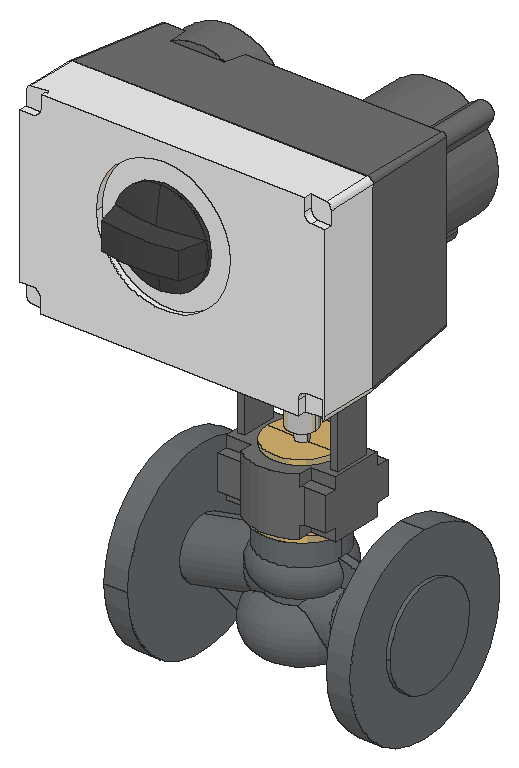
Revit family "VF2_DN15-DN100_AMV(E) 438 SU_RFA_1", category Pipe Accessories, Revit 2019 (continued)
Definition of nested family "Schematic_2-Way Valve_Flange"
  Lines and regions (mm)
    symbolic lines
      curve 13: line (-157.5, 50, 0) -> (-157.5, -50, 0)
      curve 14: line (-157.5, -50, 0) -> (0, 0, 0)
      curve 15: line (-180, 50, 0) -> (-180, -50, 0)
      curve 16: line (180, 50, 0) -> (180, -50, 0)
      curve 22: line (-60, 141, 0) -> (60, 141, 0)
      curve 23: line (-60, 261, 0) -> (-60, 141, 0)
      curve 24: line (60, 261, 0) -> (-60, 261, 0)
      curve 25: line (60, 141, 0) -> (60, 261, 0)
      curve 26: line (0, 0, 0) -> (0, 141, 0)
  Dimensions and locks
    "L": plane 6 to plane 7
    equal spacing: plane 6, plane 3 "Center (Left/Right)", plane 7
    "D1": plane 4 to plane 5
    equal spacing: plane 4, level, plane 5
    "L1": plane 8 to plane 7
    "L1": plane 6 to plane 9
    "D1": plane 11 to plane 10
    equal spacing: plane 11, plane 1 "Center (Front/Back)", plane 10
    "L_1": plane 13 to plane 12
    "H": plane 12 to level
    "L_1": plane 14 to plane 15
    equal spacing: plane 14, plane 3 "Center (Left/Right)", plane 15
    "H": plane 1 "Center (Front/Back)" to plane 16
    "L_1": plane 16 to plane 17
    equal spacing: plane 15, plane 3 "Center (Left/Right)", plane 14
    plane 15 to plane 14 = 120 mm
    aligned and locked: level to plane 2
    aligned and locked: plane 5 to curve 1
    aligned and locked: plane 4 to curve 1
    aligned and locked: plane 4 to curve 2
    aligned and locked: plane 5 to curve 2
    aligned and locked: curve 4 to plane 9
    aligned and locked: curve 7 to plane 8
    aligned and locked: level to curve 17
    aligned and locked: curve 18 to plane 12
    aligned and locked: plane 15 to curve 19
    aligned and locked: plane 13 to curve 20
    aligned and locked: curve 21 to plane 14
    aligned and locked: plane 16 to curve 26
    aligned and locked: plane 12 to curve 17
  Automatic sketch dimensions
    curve 15 to plane 7 = 0 mm
    curve 14 to plane 8 = 0 mm
    curve 24 to plane 15 = 0 mm
    plane 1 "Center (Front/Back)" to curve 14 = 0 mm
    curve 14 to plane 3 "Center (Left/Right)" = 0 mm
    curve 25 to plane 14 = 0 mm
    curve 10 to plane 9 = 0 mm
    curve 16 to plane 6 = 0 mm
    plane 11 to curve 15 = 0 mm
    plane 11 to curve 13 = 0 mm
    plane 11 to curve 16 = 0 mm
    plane 11 to curve 10 = 0 mm
    plane 10 to curve 15 = 0 mm
    plane 10 to curve 12 = 0 mm
    plane 10 to curve 16 = 0 mm
    plane 10 to curve 10 = 0 mm
    plane 17 to curve 25 = 0 mm
    curve 1 to plane 7 = 0 mm
    curve 8 to plane 3 "Center (Left/Right)" = 0 mm
    curve 2 to plane 6 = 0 mm
    curve 7 to plane 5 = 0 mm
    curve 5 to plane 5 = 0 mm
    curve 7 to plane 4 = 0 mm
    curve 3 to plane 4 = 0 mm
Types (13, lengths in mm): name | W | Power | LE1_100 | LE_100 | L | H2 | H | EXT200 | DN15 to DN50 | D1 | L_Top | V2 | RB2 | RB | L_EXT | L_100 | HS_100 | H_Revolve Bottom | Weight | W2 | W1 | V_SMALL | V_DN100 | Stroke | R_Arc | R_Top | R_Flow Pipe | R2_Revolve | R1_Revolve | RT3 | RT2 | RT1_1 | RT1 | Offset Flow Pipe_1 | Offset Flow Pipe_2 | Model Type | Model | L_S | L2 | Kvs | H_Revolve Top | H1 | HE_100 | HE1 | HE | HB2 | HB1 | HB | HE2 | EXT2 | D_Connection End | D_Flange | Extrusion Top 2 | Extrusion Top | Extrusion Bottom | EXT1 | DN | D | Depth C__ve | Depth Flange_ve | Depth_Flange | Depth C | Adapter assembly | Arc_100 | Actuator Type | A_Flow Pipe | A2_2 | A2 | A3 | A1_Flow Pipe | A1
  VF2_DN25_Kv10_065Z0277 | 137.6 | 12 VA | 20 | 10 | 160 | 57.5 | 270.5 | 44 | yes | 50 | 3 | no | 1 | 1 | 90 | 10 | 0 | 33 | 3.23 kg | 23 | 18 | yes | no | "10 mm" | 36 | 12.5 | 19 | 10 | 13 | 12.5 | 20.5 | 21 | 25 | 9 | 6.47 | "VF2_DN25_Kv10" | "065Z0277" | 48 | 80 | 10.0 m³/h | 25 | 91 | 3 | 60.5 | 0 | 1 | 35 | 30 | 37 | 15 | 70 | 115 | 5 | 28 | 30 | -58 | 25 | 25 | -2.5 | -13.5 | 13.5 | 2.5 | 1.3 | 1 | AMV(E) 438 SU_RFA : AMV 438 SU_24V_082H0122 | 165.00° | 0.00° | 15.00° | 15.00° | 166.00° | 12
  VF2_DN32_Kv16_065Z0278 | 137.6 | 12 VA | 20 | 10 | 180 | 70 | 296 | 48.5 | yes | 64 | 3 | no | 1 | 1 | 100 | 10 | 0 | 35 | 4.97 kg | 27 | 15 | yes | no | "15 mm" | 41 | 12.5 | 24 | 18 | 19 | 23 | 23.5 | 24 | 29 | 7 | 9 | "VF2_DN32_Kv16" | "065Z0278" | 48 | 90 | 16.0 m³/h | 33 | 95.5 | 3 | 65 | 0.5 | 1 | 35 | 30 | 41.5 | 25 | 80 | 140 | 10 | 34 | 30 | -62 | 32 | 32 | -2.5 | -15.8 | 15.8 | 2.5 | 0.8 | 1 | AMV(E) 438 SU_RFA : AMV 438 SU_24V_082H0122 | 168.00° | 0.00° | 13.00° | 15.00° | 170.00° | 13
  VF2_DN40_Kv25_065Z0279 | 150 | 12 VA | 20 | 10 | 200 | 75 | 311.8 | 54 | yes | 80 | 3 | no | 1 | 1 | 120 | 10 | 0 | 44 | 6.59 kg | 31 | 18 | yes | no | "15 mm" | 50 | 12.5 | 27.5 | 21 | 21 | 19 | 28.5 | 29 | 37 | 9 | 10 | "VF2_DN40_Kv25" | "065Z0279" | 48 | 100 | 25.0 m³/h | 42 | 106 | 3 | 76 | 5.3 | 1 | 35 | 30 | 48 | 30 | 90 | 150 | 10 | 38 | 37 | -71.5 | 40 | 40 | -2.5 | -15.8 | 15.8 | 2.5 | 0.3 | 1 | AMV(E) 438 SU_RFA : AMV 438 SU_24V_082H0122 | 166.00° | 0.00° | 20.00° | 15.00° | 166.00° | 20
  VF2_DN50_Kv40_065Z0280 | 165 | 12 VA | 20 | 10 | 230 | 82.5 | 325 | 59 | yes | 100 | 3 | no | 1 | 1 | 150 | 10 | 0 | 53 | 8.53 kg | 42 | 30 | yes | no | "15 mm" | 59 | 12.5 | 30 | 23 | 26 | 20 | 34.5 | 35 | 43.5 | 10 | 15 | "VF2_DN50_Kv40" | "065Z0280" | 65 | 115 | 40.0 m³/h | 45 | 111.3 | 3 | 81 | 6 | 1 | 35 | 30 | 53 | 30 | 105 | 165 | 10 | 40.5 | 41 | -80 | 50 | 50 | -3.5 | -15.8 | 15.8 | 3.5 | 0.3 | 1 | AMV(E) 438 SU_RFA : AMV 438 SU_24V_082H0122 | 168.00° | 0.00° | 18.00° | 13.00° | 170.00° | 15
  VF2_DN65_Kv63_065Z0281 | 182 | 12 VA | 20 | 10 | 290 | 91 | 369.5 | 2 | no | 130 | 3 | yes | 27 | 55 | 185 | 10 | 0 | 66 | 15.92 kg | 58 | 45 | yes | no | "20 mm" | 82 | 12.5 | 41 | 20 | 27 | 22 | 1 | 5 | 22 | 16 | 25 | "VF2_DN65_Kv63" | "065Z0281" | 97 | 145 | 63.0 m³/h | 68 | 148 | 3 | 113 | 20 | 7 | 81 | 60 | 68 | 65 | 105 | 182 | 20 | 65 | 66 | -97 | 65 | 65 | -3.5 | -18 | 18 | 3.5 | 7.3 | 1 | AMV(E) 438 SU_RFA : AMV 438 SU_24V_082H0122 | 165.00° | 0.00° | 20.00° | 20.00° | 165.00° | 30
  VF2_DN80_Kv100_065Z0282 | 198 | 12 VA | 20 | 10 | 316 | 99 | 270.5 | 1 | no | 160 | 3 | yes | 27 | 62.5 | 200 | 10 | 0 | 65 | 18.13 kg | 64 | 43 | yes | no | "20 mm" | 91 | 12.5 | 44 | 32 | 37 | 22 | 1 | 5 | 22 | 25 | 21 | "VF2_DN80_Kv100" | "065Z0282" | 95 | 158 | 100.0 m³/h | 70 | 152 | 3 | 118 | 32 | 8.5 | 86 | 60 | 60 | 58 | 130 | 198 | 20 | 66 | 65 | -130 | 80 | 80 | -5.5 | -19 | 19 | 5.5 | 7.3 | 1 | AMV(E) 438 SU_RFA : AMV 438 SU_24V_082H0122 | 169.00° | 0.00° | 15.00° | 15.00° | 165.00° | 22
  VF2_DN15_Kv2.5_065Z0274 | 137.6 | 12 VA | 20 | 10 | 130 | 47.5 | 270.5 | 38 | yes | 30 | 3 | no | 1 | 1 | 80 | 25 | 0 | 27 | 1.93 kg | 16 | 17 | yes | no | "10 mm" | 30 | 12.5 | 15 | 6 | 9 | 12.5 | 15.5 | 16 | 20.5 | 7 | 6.47 | "VF2_DN15_Kv2.5" | "065Z0274" | 48 | 65 | 2.5 m³/h | 23 | 85 | 3 | 54.5 | 0 | 1 | 25 | 20 | 31 | 20 | 50 | 95 | 5 | 22 | 26 | -50 | 15 | 15 | -2.5 | -12 | 12 | 2.5 | 1.3 | 10 | AMV(E) 438 SU_RFA : AMV 438 SU_24V_082H0122 | 166.00° | 0.00° | 30.00° | 16.00° | 168.00° | 19
  VF2_DN100_Kv145_065B3205 | 220 | 12 VA | 153 | 108 | 350 | 197 | 458.2 | 1 | no | 200 | 6 | yes | 110 | 70 | 19 | 170 | -72.5 | 50 | 39.00 kg | 50 | 43 | no | yes | "30 mm" | 2 | 19 | 45 | 25 | 25 | 35 | 60 | 59 | 35 | 25 | 33 | "VF2_DN100_Kv145" | "065B3205" | 95 | 175 | 145.0 m³/h | 60 | 131.5 | 72.5 | 117 | 33 | 46 | 151 | 70 | 45 | 0 | 164 | 220 | 20 | 67 | 152 | -155 | 100 | 100 | -3.5 | -19 | 19 | 3.5 | 0 | 30 | AMV(E) 438 SU_RFA : AMV 438 SU_24V_082H0122 | 166.00° | 44.00° | 44.00° | 0.00° | 165.00° | 43
  VF2_DN15_Kv4.0_065Z0275 | 137.6 | 12 VA | 20 | 10 | 130 | 47.5 | 270.5 | 38 | yes | 30 | 3 | no | 1 | 1 | 80 | 25 | 0 | 27 | 1.93 kg | 16 | 17 | yes | no | "10 mm" | 30 | 12.5 | 15 | 6 | 9 | 12.5 | 15.5 | 16 | 20.5 | 7 | 6.47 | "VF2_DN15_Kv4.0" | "065Z0275" | 48 | 65 | 4.0 m³/h | 23 | 85 | 3 | 54.5 | 0 | 1 | 25 | 20 | 31 | 20 | 50 | 95 | 5 | 22 | 26 | -50 | 15 | 15 | -2.5 | -12 | 12 | 2.5 | 1.3 | 10 | AMV(E) 438 SU_RFA : AMV 438 SU_24V_082H0122 | 166.00° | 0.00° | 30.00° | 16.00° | 168.00° | 19
  VF2_DN15_Kv1.6_065Z0273 | 137.6 | 12 VA | 20 | 10 | 130 | 47.5 | 270.5 | 38 | yes | 30 | 3 | no | 1 | 1 | 80 | 25 | 0 | 27 | 1.93 kg | 16 | 17 | yes | no | "10 mm" | 30 | 12.5 | 15 | 6 | 9 | 12.5 | 15.5 | 16 | 20.5 | 7 | 6.47 | "VF2_DN15_Kv1.6" | "065Z0273" | 48 | 65 | 1.6 m³/h | 23 | 85 | 3 | 54.5 | 0 | 1 | 25 | 20 | 31 | 20 | 50 | 95 | 5 | 22 | 26 | -50 | 15 | 15 | -2.5 | -12 | 12 | 2.5 | 1.3 | 10 | AMV(E) 438 SU_RFA : AMV 438 SU_24V_082H0122 | 166.00° | 0.00° | 30.00° | 16.00° | 168.00° | 19
  VF2_DN15_Kv1.0_065Z0272 | 137.6 | 12 VA | 20 | 10 | 130 | 47.5 | 270.5 | 38 | yes | 30 | 3 | no | 1 | 1 | 80 | 25 | 0 | 27 | 1.93 kg | 16 | 17 | yes | no | "10 mm" | 30 | 12.5 | 15 | 6 | 9 | 12.5 | 15.5 | 16 | 20.5 | 7 | 6.47 | "VF2_DN15_Kv1.0" | "065Z0272" | 48 | 65 | 1.0 m³/h | 23 | 85 | 3 | 54.5 | 0 | 1 | 25 | 20 | 31 | 20 | 50 | 95 | 5 | 22 | 26 | -50 | 15 | 15 | -2.5 | -12 | 12 | 2.5 | 1.3 | 10 | AMV(E) 438 SU_RFA : AMV 438 SU_24V_082H0122 | 166.00° | 0.00° | 30.00° | 16.00° | 168.00° | 19
  VF2_DN15_Kv0.63_065Z0271 | 137.6 | 14 VA | 20 | 10 | 130 | 47.5 | 263 | 38 | yes | 30 | 3 | no | 1 | 1 | 80 | 25 | 0 | 27 | 1.93 kg | 16 | 17 | yes | no | "10 mm" | 30 | 12.5 | 15 | 6 | 9 | 12.5 | 15.5 | 16 | 20.5 | 7 | 6.47 | "VF2_DN15_Kv0.63" | "065Z0271" | 48 | 65 | 0.63 m³/h | 23 | 85 | 3 | 54.5 | 0 | 1 | 25 | 20 | 31 | 20 | 50 | 95 | 5 | 22 | 26 | -50 | 15 | 15 | -2.5 | -12 | 12 | 2.5 | 1.3 | 10 | AMV(E) 438 SU_RFA : AME 438 SU_24V_082H0121 | 166.00° | 0.00° | 30.00° | 16.00° | 168.00° | 19
  VF2_DN20_Kv6.3_065Z0276 | 137.6 | 12 VA | 20 | 10 | 150 | 52.5 | 270.5 | 40.5 | yes | 40 | 3 | no | 1 | 1 | 85 | 10 | 0 | 31 | 2.65 kg | 19 | 16 | yes | no | "10 mm" | 35 | 12.5 | 17 | 8 | 10 | 12.5 | 19.5 | 20 | 23 | 6 | 6.47 | "VF2_DN20_Kv6.3" | "065Z0276" | 48 | 75 | 6.3 m³/h | 25 | 87.3 | 3 | 57 | 0 | 1 | 25 | 30 | 33.5 | 18 | 60 | 105 | 8 | 27 | 28 | -54 | 20 | 20 | -2.5 | -13.5 | 13.5 | 2.5 | 1.3 | 1 | AMV(E) 438 SU_RFA : AMV 438 SU_24V_082H0122 | 165.00° | 0.00° | 22.00° | 15.00° | 168.00° | 16
